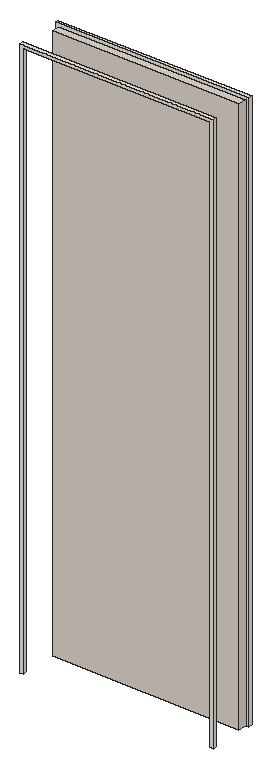
Revit family "Porta_Dupla", category Doors, host Wall, Revit 2020
Family settings
  Host = Wall
  OmniClass Number = 23.30.10.00
  OmniClass Title = Doors
  Always vertical = Yes
  Cut with Voids When Loaded = No
  Shared = No
  Room Calculation Point = Yes
Parameters (values of type "POR_070x210_DUS_BOX_CEG")
  Width = 700.00 mm
  Visual Light Transmittance = 0
  Thickness = 30.00 mm
  Thermal Resistance (R) = 0.270117 (m²·K)/W
  Solar Heat Gain Coefficient = 0
  Define Thermal Properties by = Schematic Type
  Construction Type Id = "MDOOR"
  Heat Transfer Coefficient (U) = 3.7021 W/(m²·K)
  Function = Interior
  Door Material = CT_Porta_Folha
  Frame Material = CT_Porta_Marco
  Height = 2100.00 mm
  Trim Projection Ext = 12.50 mm
  Trim Projection Int = 12.50 mm
  Trim Width = 35.00 mm
  Wall Closure = By host
  Width_Large = 350.00 mm
  Width_Small = Width - Width_Large  # 350.00 mm
  Analytic Construction = "Metal"
Types (21, lengths in mm): name | Width | Trim Projection Ext | Trim Projection Int | Trim Width | Width_Large | Width_Small
  POR_070x210_DUS_BOX_CEG | 700.00 | 12.50 | 12.50 | 35.00 | 350.00 | 350.00
  POR_080x210-060_DUA_INT_CEG | 800.00 | 12.50 | 12.50 | 35.00 | 600.00 | 200.00
  POR_350x210_DUS_INT_CEG | 3500.00 | 12.50 | 12.50 | 35.00 | 1750.00 | 1750.00
  POR_300x210_DUS_INT_CEG | 3000.00 | 12.50 | 12.50 | 35.00 | 1500.00 | 1500.00
  POR_290x210_DUS_INT_CEG | 2900.00 | 12.50 | 12.50 | 35.00 | 1450.00 | 1450.00
  POR_080x210_DUS_INT_CEG | 800.00 | 12.50 | 12.50 | 35.00 | 400.00 | 400.00
  POR_130x210_DUS_INT_CEG | 1300.00 | 12.50 | 12.50 | 35.00 | 650.00 | 650.00
  POR_270x210_DUS_INT_CEG | 2700.00 | 12.50 | 12.50 | 35.00 | 1350.00 | 1350.00
  POR_100x210_DUS_INT_CEG | 1000.00 | 12.50 | 12.50 | 35.00 | 500.00 | 500.00
  POR_250x210_DUS_INT_CEG | 2500.00 | 12.50 | 12.50 | 35.00 | 1250.00 | 1250.00
  POR_200x210_DUS_INT_CEG | 2000.00 | 12.50 | 12.50 | 35.00 | 1000.00 | 1000.00
  POR_120x210-080_DUA_INT_CEG | 1200.00 | 12.50 | 12.50 | 35.00 | 800.00 | 400.00
  POR_140x210-080_DUA_INT_CEG | 1400.00 | 12.50 | 12.50 | 35.00 | 600.00 | 800.00
  POR_120x210_DUS_INT_CEG | 1200.00 | 12.50 | 12.50 | 35.00 | 600.00 | 600.00
  POR_180x210_DUS_INT_CEG | 1800.00 | 12.50 | 12.50 | 35.00 | 900.00 | 900.00
  POR_160x210_DUS_INT_CEG | 1600.00 | 12.50 | 12.50 | 35.00 | 800.00 | 800.00
  POR_500x210_DUS_AUD_ACU | 5000.00 | 12.50 | 12.50 | 35.00 | 2500.00 | 2500.00
  POR_140x210_DUS_AUD_ACU | 1400.00 | 12.50 | 12.50 | 35.00 | 700.00 | 700.00
  POR_180x210_DUS_AUD_ACU | 1800.00 | 12.50 | 12.50 | 35.00 | 900.00 | 900.00
  POR_200x210_DUS_AUD_ACU | 2000.00 | 12.50 | 12.50 | 35.00 | 1000.00 | 1000.00
  POR_120x210_DUS_ACD_VIS_MET | 1250.00 | 10.00 | 10.00 | 30.00 | 625.00 | 625.00
Reference planes
  plane 1: y = 0
  plane 2: z = 0
  plane 3 "Center": x = -248
  plane 4 "Left": x = -598
  plane 5 "Right": x = 102
  plane 6 "Top": z = 2100
Forms (mm)
  Extrusion 1, solid, material "CT_Porta_Marco" <- "Frame Material"
    sketch origin (-2286, 76.2, 0) x (-1, 0, 0) y (0, 0, 1)
      loop
        line (-2388, 2100) -> (-1688, 2100) -> (-1688, 0) -> (-1675.5, 0) -> (-1675.5, 2112.5) -> (-2400.5, 2112.5) -> (-2400.5, 0) -> (-2388, 0) -> (-2388, 2100)
    from 0 to 12.5
  Extrusion 2, solid, material "CT_Porta_Marco" <- "Frame Material"
    sketch origin (-2286, -76.2, 0) x (1, 0, 0) y (0, 0, 1)
      loop
        line (1688, 0) -> (1688, 2100) -> (2388, 2100) -> (2388, 0) -> (2400.5, 0) -> (2400.5, 2112.5) -> (1675.5, 2112.5) -> (1675.5, 0) -> (1688, 0)
    from 0 to 12.5
  Extrusion 3, solid, material "CT_Porta_Folha" <- "Door Material"
    sketch origin (0, 0, 0) x (1, 0, 0) y (0, 1, 0)
      loop
        line (-598, 76.2) -> (-598, 46.2) -> (102, 46.2) -> (102, 76.2) -> (-598, 76.2)
    from 0 to 2100
Lines and regions (mm)
  Opening 1
    outline origin (-2286, -76.2, 0) x (1, 0, 0) y (0, 0, 1)
      loop
        line (1688, 0) -> (2388, 0) -> (2388, 2100) -> (1688, 2100) -> (1688, 0)
  symbolic lines, style "Plan Swing"
    curve 1: arc (-248, 76.2, 0) -> (-350.513, 323.687, 0) -> (-598, 426.2, 0) r 350
    curve 12: arc (-248, 76.2, 0) -> (-145.487, 323.687, 0) -> (102, 426.2, 0) r 350
  symbolic lines, style "DoorsPanelProjection"
    curve 2: line (-598, 76.2, 0) -> (-568, 76.2, 0)
    curve 3: line (-598, 76.2, 0) -> (-598, 424.702, 0)
    curve 4: line (-598, 424.702, 0) -> (-565.651, 424.702, 0)
    curve 5: line (-568, 76.2, 0) -> (-568, 424.912, 0)
    curve 8: line (102, 76.2, 0) -> (72, 76.2, 0)
    curve 9: line (102, 76.2, 0) -> (102, 426.2, 0)
    curve 10: line (102, 426.2, 0) -> (72, 426.2, 0)
    curve 11: line (72, 76.2, 0) -> (72, 426.2, 0)
  model lines, style "DoorsPanelProjection"
    curve 6: line (-248, 76.2, 2100) -> (-248, 76.2, 0)
    curve 7: line (-248, 46.2, 2100) -> (-248, 46.2, 0)
  symbolic lines, style "Elevation Swing"
    curve 13: line (-248, 0, 2100) -> (-598, 0, 1050)
    curve 14: line (-598, 0, 1050) -> (-248, 0, 0)
    curve 15: line (-248, 0, 2100) -> (102, 0, 1050)
    curve 16: line (102, 0, 1050) -> (-248, 0, 0)
Text (mm)
  text "Exterior" at (-1852.85, 748.929, 0), in view "Floor Line"
  text "Interior" at (-1852.85, -701.767, 0), in view "Floor Line"
  text "Exterior" at (0, 1019.848, 3124.603), in view "Right"
  text "Interior" at (0, -1635.541, 3124.603), in view "Right"
  text "Interior" at (0, -762.224, 2974.944), in view "Left"
  text "Exterior" at (0, 1135.773, 2974.944), in view "Left"
Dimensions and locks
  "Trim Projection Ext": Extrusion 2 sketch curve to plane 4 "Left"
  "Trim Projection Ext": Extrusion 2 sketch curve to plane 5 "Right"
  "Trim Projection Ext": Extrusion 2 sketch curve to plane 6 "Top"
  "Trim Projection Ext": Extrusion 1 sketch curve to Extrusion 1 sketch curve  (x2)
  "Trim Projection Ext": Extrusion 1 sketch curve to plane 6 "Top"
  "Trim Projection Int": Extrusion 2 to host wall
  "Trim Projection Ext": Extrusion 1 to host wall
  plane 4 "Left" to plane 3 "Center" to plane 5 "Right" = 350.00 mm, 350.00 mm
  "Thickness": curve 5 to curve 3
  "Thickness": Extrusion 1 to Extrusion 3 sketch curve
  "Width_Large": plane 4 "Left" to plane 3 "Center"
  "Width_Small": plane 3 "Center" to plane 5 "Right"
  level to plane 2 = 0.00 mm
  "Thickness": curve 11 to plane 5 "Right"
  "Height": plane 6 "Top" to level
  equal spacing: level, curve 14, plane 6 "Top"
  equal spacing: level, curve 16, plane 6 "Top"
  Extrusion 2 to Extrusion 2 = 12.50 mm  (x2)
  Extrusion 1 to Extrusion 1 = 12.50 mm  (x2)
  aligned and locked: plane 4 "Left" to Opening 1 sketch curve
  aligned and locked: plane 6 "Top" to Opening 1 sketch curve  (x2)
  aligned and locked: Opening 1 sketch curve to plane 5 "Right"
  aligned and locked: Opening 1 sketch curve to level
  aligned and locked: plane 6 "Top" to Extrusion 1 sketch curve  (x2)
  aligned and locked: plane 4 "Left" to Extrusion 1 sketch curve
  aligned and locked: Extrusion 1 sketch curve to plane 4 "Left"
  aligned and locked: level to Extrusion 1 sketch curve
  aligned and locked: plane 5 "Right" to Extrusion 1 sketch curve
  aligned and locked: Extrusion 1 to host wall
  aligned and locked: plane 4 "Left" to Extrusion 2 sketch curve
  aligned and locked: plane 6 "Top" to Extrusion 2 sketch curve  (x2)
  aligned and locked: plane 5 "Right" to Extrusion 2 sketch curve  (x2)
  aligned and locked: level to Extrusion 2 sketch curve
  aligned and locked: Extrusion 2 sketch curve to level
  aligned and locked: Extrusion 2 to host wall
  aligned and locked: Extrusion 1 to Extrusion 3 sketch curve
  aligned and locked: Extrusion 3 to host wall
  aligned and locked: curve 8 to Extrusion 3
  aligned and locked: curve 8 to Extrusion 1
  aligned and locked: plane 5 "Right" to host wall  (x2)
  aligned and locked: Extrusion 1 sketch curve to level
  aligned and locked: Extrusion 2 sketch curve to Extrusion 1
  aligned and locked: Extrusion 1 to curve 2
  aligned and locked: level to plane 2
Automatic sketch dimensions
  Extrusion 3 sketch curve to plane 4 "Left" = 0.00 mm
  Extrusion 3 sketch curve to plane 5 "Right" = 0.00 mm
  curve 1 to plane 4 "Left" = 0.00 mm
  curve 2 to plane 4 "Left" = 0.00 mm
  curve 1 to plane 3 "Center" = 0.00 mm
  curve 12 to plane 3 "Center" = 0.00 mm
  curve 5 to curve 4 = 2.349 mm
  curve 2 to curve 1 = 0.00 mm
  curve 15 to plane 3 "Center" = 0.00 mm
  curve 15 to plane 6 "Top" = 0.00 mm
  curve 7 to plane 3 "Center" = 0.00 mm
  curve 7 to plane 6 "Top" = 0.00 mm
  curve 6 to plane 3 "Center" = 0.00 mm
  curve 6 to plane 6 "Top" = 0.00 mm
  curve 13 to plane 4 "Left" = 0.00 mm
  curve 15 to plane 5 "Right" = 0.00 mm
  curve 7 to level = 0.00 mm
  curve 6 to level = 0.00 mm
  curve 16 to level = 0.00 mm
  curve 14 to plane 3 "Center" = 0.00 mm
